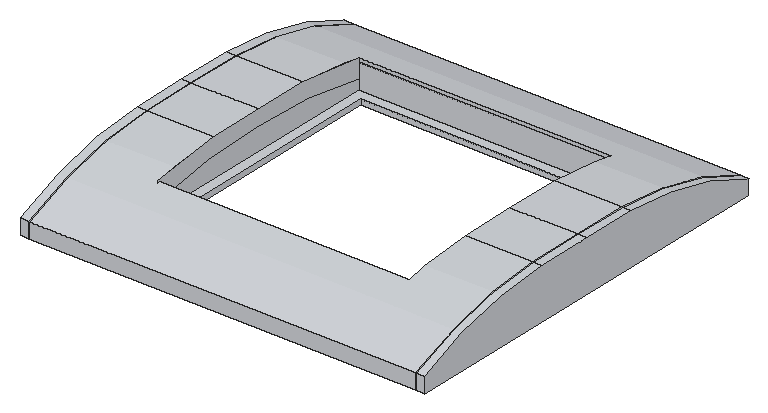
Revit family "Gira_1002728", category Electrical Fixtures, host Face, Revit 2017
Family settings
  Host = Face
  Maintain Annotation Orientation = No
  Round Connector Dimension = Use Diameter
  Part Type = Normal
  Cut with Voids When Loaded = No
  Shared = No
  Room Calculation Point = No
Parameters (values of type "Abdeckrahmen 2f o.M. Zwischenr. AN Gira Event Klar Weiß")
  Werkstoffgüte = "Thermoplast"
  Werkstoff = "Kunststoff"
  URL = "http://katalog.gira.de/de_DE/datenblatt.html?artikelnr=1002728"
  Transparent = "No"
  Textfeld/Beschriftungsfläche = "No"
  Schutzart (IP) = "IP20"
  Region = "DE"
  Oberfläche = "sonstige"
  Name = "Abdeckrahmen 2f o.M. Zwischenr. AN Gira Event Klar Weiß"
  Montagerichtung = "horizontal und vertikal"
  Mit Montagerahmen = "No"
  Mit Klappdeckel = "No"
  Manufacturer URL = "https://www.gira.de/"
  Keynote = "Event_Rahmen_2fach o.Mittelsteg"
  HeinzeBIM = "https://bimportal.heinze.de/bim/abdeckrahmen-2f-o-m-zwischenr-an-gira-event-klar-weiss/c06283749115ef235bf99cd755b27f8dbb7232cb"
  Halogenfrei = "Yes"
  HAN = "1002728"
  Geeignet für Unterputz-Installation = "Yes"
  Geeignet für Unterflurkanaldose = "No"
  Geeignet für Geräteeinbaukanal = "No"
  Geeignet für Einbauinstallation = "No"
  GTIN = "4010337070207"
  Farbe = "weiß"
  Default Elevation = 1219.2 mm
  Data sheet (1) = "https://katalog.gira.de/de_DE/download.html?artikelnr=1002728"
  Category = "Abdeckrahmen"
  Befestigungsart = "Klemmbefestigung"
  Available = "Yes"
  Anzahl der Einheiten vertikal = "2 "
  Anzahl der Einheiten horizontal = "2 "
  Anzahl der Einheiten = "2 "
Reference planes
  plane 1 "Center (Front/Back)": y = 0
  plane 2: z = 0
  plane 3 "Center (Left/Right)": x = 0
Forms (mm)
  Extrusion 1, solid, detail levels fine
    sketch origin (0, 0, 1.55) x (0, 1, 0) y (0, 0, 1)
      loop
        arc (12.445, 9.683) -> (6.223, 9.833) -> (0, 9.85) r 291.636
        arc (0, 9.85) -> (-6.223, 9.833) -> (-12.445, 9.683) r 291.636
        arc (-12.445, 9.683) -> (-29.14, 7.482) -> (-45, 1.823) r 79.728
        line (-45, 1.823) -> (-45, -1.55) -> (-41.777, -1.55) -> (-41.777, -0.55)
        arc (-41.777, -0.55) -> (-21.205, 4.846) -> (0, 6.467) r 118.15
        arc (0, 6.467) -> (21.205, 4.846) -> (41.777, -0.55) r 118.15
        line (41.777, -0.55) -> (41.777, -1.55) -> (45, -1.55) -> (45, 1.823)
        arc (45, 1.823) -> (29.14, 7.482) -> (12.445, 9.683) r 79.728
    from -43 to 43
  Extrusion 2, void, detail levels fine
    sketch origin (0, 0, 0) x (1, 0, 0) y (0, 1, 0)
      loop
        line (-28, -28) -> (28, -28) -> (28, 28) -> (-28, 28) -> (-28, -28)
    from 2.85 to 12
  Extrusion 3, solid, detail levels coarse
    sketch origin (0, 0, 0) x (1, 0, 0) y (0, 1, 0)
      loop
        line (-45, 45) -> (-45, -45) -> (45, -45) -> (45, 45) -> (-45, 45)
    from 0 to 11.4
  Extrusion 4, solid, detail levels medium
    sketch origin (0, 0, 1.55) x (0, 1, 0) y (0, 0, 1)
      loop
        arc (12.445, 9.683) -> (6.223, 9.833) -> (0, 9.85) r 291.636
        arc (0, 9.85) -> (-6.223, 9.833) -> (-12.445, 9.683) r 291.636
        arc (-12.445, 9.683) -> (-29.14, 7.482) -> (-45, 1.823) r 79.728
        line (-45, 1.823) -> (-45, -1.55) -> (45, -1.55) -> (45, 1.823)
        arc (45, 1.823) -> (29.14, 7.482) -> (12.445, 9.683) r 79.728
    from -45 to 45
  Extrusion 5, solid, detail levels fine
    sketch origin (0, 0, 0) x (0, 1, 0) y (0, 0, 1)
      loop
        arc (45, 3.373) -> (29.14, 9.032) -> (12.445, 11.233) r 79.728
        arc (12.445, 11.233) -> (6.223, 11.383) -> (0, 11.4) r 291.636
        arc (0, 11.4) -> (-6.223, 11.383) -> (-12.445, 11.233) r 291.636
        arc (-12.445, 11.233) -> (-29.14, 9.032) -> (-45, 3.373) r 79.728
        line (-45, 3.373) -> (-45, 0) -> (45, 0) -> (45, 3.373)
    from 43 to 45
  Extrusion 6, solid, detail levels fine
    sketch origin (0, 0, 0) x (0, 1, 0) y (0, 0, -1)
      loop
        line (45, -3.373) -> (45, 0) -> (-45, 0) -> (-45, -3.373)
        arc (-45, -3.373) -> (-29.14, -9.032) -> (-12.445, -11.233) r 79.728
        arc (-12.445, -11.233) -> (-6.223, -11.383) -> (0, -11.4) r 291.636
        arc (0, -11.4) -> (6.223, -11.383) -> (12.445, -11.233) r 291.636
        arc (12.445, -11.233) -> (29.14, -9.032) -> (45, -3.373) r 79.728
    from 43 to 45
  Extrusion 7, solid, detail levels fine
    sketch origin (0, 0, 0) x (1, 0, 0) y (0, 1, 0)
      loop
        line (-25.7, 25.7) -> (-25.7, -25.7) -> (25.7, -25.7) -> (25.7, 25.7) -> (-25.7, 25.7)
      loop
        line (-29.495, 27.895) -> (-29.495, -27.895)
        spline (-29.495, -27.895) -> (-29.486, -28.025) -> (-29.461, -28.154) -> (-29.419, -28.278) -> (-29.361, -28.395) -> (-29.288, -28.504) -> (-29.202, -28.602) -> (-29.104, -28.688) -> (-28.995, -28.761) -> (-28.878, -28.819) -> (-28.754, -28.861) -> (-28.625, -28.886) -> (-28.495, -28.895)
        line (-28.495, -28.895) -> (28.495, -28.895)
        spline (28.495, -28.895) -> (28.625, -28.886) -> (28.754, -28.861) -> (28.878, -28.819) -> (28.995, -28.761) -> (29.104, -28.688) -> (29.202, -28.602) -> (29.288, -28.504) -> (29.361, -28.395) -> (29.419, -28.278) -> (29.461, -28.154) -> (29.486, -28.025) -> (29.495, -27.895)
        line (29.495, -27.895) -> (29.495, 27.895)
        spline (29.495, 27.895) -> (29.486, 28.025) -> (29.461, 28.154) -> (29.419, 28.278) -> (29.361, 28.395) -> (29.288, 28.504) -> (29.202, 28.602) -> (29.104, 28.688) -> (28.995, 28.761) -> (28.878, 28.819) -> (28.754, 28.861) -> (28.625, 28.886) -> (28.495, 28.895)
        line (28.495, 28.895) -> (-28.495, 28.895)
        spline (-28.495, 28.895) -> (-28.625, 28.886) -> (-28.754, 28.861) -> (-28.878, 28.819) -> (-28.995, 28.761) -> (-29.104, 28.688) -> (-29.202, 28.602) -> (-29.288, 28.504) -> (-29.361, 28.395) -> (-29.419, 28.278) -> (-29.461, 28.154) -> (-29.486, 28.025) -> (-29.495, 27.895)
    from 1.673 to 8.5
Cuts and joins
  Extrusion 2 cuts Extrusion 1
  Extrusion 2 cuts Extrusion 7
Dimensions and locks
  aligned and locked: plane 2 to host face
  aligned and locked: level to host face
